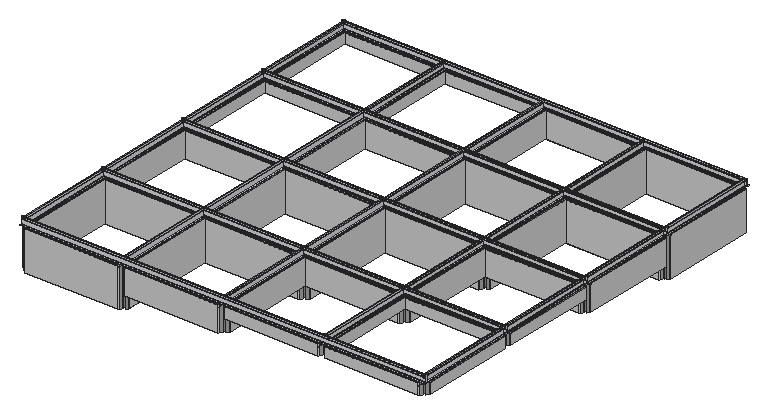
Revit family "GRD-SEC-001_SECTION GRID 001_RFA", category Modelos genéricos, Revit 2022 (continued)
Forms (in)
  Extrusion 180, solid
    sketch origin (96.94421, 1.41655, 0) x (-1, 0, 0) y (0, -1, 0)
      loop
        line (0.70789, 0.47222) -> (1.18033, -0.00022) -> (23.76344, -0.00022) -> (24.23589, 0.47222) -> (0.70789, 0.47222)
      loop
        line (0.70789, 0.94433) -> (24.23589, 0.94433) -> (23.76344, 1.41677) -> (1.18033, 1.41677) -> (0.70789, 0.94433)
    from -2.11999 to 0.38001
  Extrusion 181, solid
    sketch origin (96.47177, 1.88899, 0) x (-1, 0, 0) y (0, -1, 0)
      loop
        line (0.70789, 0.47222) -> (0.82789, 0.35222) -> (23.171, 0.35222) -> (23.291, 0.47222) -> (0.70789, 0.47222)
      loop
        line (0.70789, 1.88921) -> (23.291, 1.88921) -> (23.171, 2.00921) -> (0.82789, 2.00921) -> (0.70789, 1.88921)
    from -2.11999 to 0.38001
  Extrusion 182, solid
    sketch origin (96.94421, 1.41655, 0) x (-1, 0, 0) y (0, 0, 1)
      loop
        line (0.70789, 0.38001) -> (1.68323, -0.61999) -> (3.48685, -0.61999) -> (3.48685, -1.61999) -> (4.48685, -1.61999) -> (4.48685, -0.61999) -> (20.50219, -0.61999) -> (20.50219, -1.61999) -> (21.46857, -1.61999) -> (21.46857, -0.61999) -> (23.27219, -0.61999) -> (24.23589, 0.38001) -> (0.70789, 0.38001)
    from -0.94466 to -0.47222
  Extrusion 183, solid
    sketch origin (95.76389, 25.18022, 0) x (0, -1, 0) y (1, 0, 0)
      loop
        line (0.70789, 0.47222) -> (1.18033, -0.00022) -> (23.76344, -0.00022) -> (24.23589, 0.47222) -> (0.70789, 0.47222)
      loop
        line (0.70789, 0.94433) -> (24.23589, 0.94433) -> (23.76344, 1.41677) -> (1.18033, 1.41677) -> (0.70789, 0.94433)
    from -2.11999 to 0.38001
  Extrusion 184, solid
    sketch origin (95.29144, 24.70778, 0) x (0, -1, 0) y (1, 0, 0)
      loop
        line (0.70789, 0.47222) -> (0.82789, 0.35222) -> (23.171, 0.35222) -> (23.291, 0.47222) -> (0.70789, 0.47222)
      loop
        line (0.70789, 1.88921) -> (23.291, 1.88921) -> (23.171, 2.00921) -> (0.82789, 2.00921) -> (0.70789, 1.88921)
    from -2.11999 to 0.38001
  Extrusion 185, solid
    sketch origin (95.76389, 25.18022, 0) x (0, -1, 0) y (0, 0, 1)
      loop
        line (0.70789, 0.38001) -> (1.68323, -0.61999) -> (3.48685, -0.61999) -> (3.48685, -1.61999) -> (4.48685, -1.61999) -> (4.48685, -0.61999) -> (20.50219, -0.61999) -> (20.50219, -1.61999) -> (21.46857, -1.61999) -> (21.46857, -0.61999) -> (23.27219, -0.61999) -> (24.23589, 0.38001) -> (0.70789, 0.38001)
    from -0.94466 to -0.47222
  Extrusion 186, solid
    sketch origin (96.94421, 25.41666, 0) x (-1, 0, 0) y (0, -1, 0)
      loop
        line (0.70789, 0.47222) -> (1.18033, -0.00022) -> (23.76344, -0.00022) -> (24.23589, 0.47222) -> (0.70789, 0.47222)
      loop
        line (0.70789, 0.94433) -> (24.23589, 0.94433) -> (23.76344, 1.41677) -> (1.18033, 1.41677) -> (0.70789, 0.94433)
    from -2.11999 to 0.38001
  Extrusion 187, solid
    sketch origin (96.47177, 25.8891, 0) x (-1, 0, 0) y (0, -1, 0)
      loop
        line (0.70789, 0.47222) -> (0.82789, 0.35222) -> (23.171, 0.35222) -> (23.291, 0.47222) -> (0.70789, 0.47222)
      loop
        line (0.70789, 1.88921) -> (23.291, 1.88921) -> (23.171, 2.00921) -> (0.82789, 2.00921) -> (0.70789, 1.88921)
    from -2.11999 to 0.38001
  Extrusion 188, solid
    sketch origin (96.94421, 25.41666, 0) x (-1, 0, 0) y (0, 0, 1)
      loop
        line (0.70789, 0.38001) -> (1.68323, -0.61999) -> (3.48685, -0.61999) -> (3.48685, -1.61999) -> (4.48685, -1.61999) -> (4.48685, -0.61999) -> (20.50219, -0.61999) -> (20.50219, -1.61999) -> (21.46857, -1.61999) -> (21.46857, -0.61999) -> (23.27219, -0.61999) -> (24.23589, 0.38001) -> (0.70789, 0.38001)
    from -0.94466 to -0.47222
  Extrusion 189, solid
    sketch origin (95.76389, 49.18033, 0) x (0, -1, 0) y (1, 0, 0)
      loop
        line (0.70789, 0.47222) -> (1.18033, -0.00022) -> (23.76344, -0.00022) -> (24.23589, 0.47222) -> (0.70789, 0.47222)
      loop
        line (0.70789, 0.94433) -> (24.23589, 0.94433) -> (23.76344, 1.41677) -> (1.18033, 1.41677) -> (0.70789, 0.94433)
    from -2.11999 to 0.38001
  Extrusion 190, solid
    sketch origin (95.29144, 48.70789, 0) x (0, -1, 0) y (1, 0, 0)
      loop
        line (0.70789, 0.47222) -> (0.82789, 0.35222) -> (23.171, 0.35222) -> (23.291, 0.47222) -> (0.70789, 0.47222)
      loop
        line (0.70789, 1.88921) -> (23.291, 1.88921) -> (23.171, 2.00921) -> (0.82789, 2.00921) -> (0.70789, 1.88921)
    from -2.11999 to 0.38001
  Extrusion 191, solid
    sketch origin (95.76389, 49.18033, 0) x (0, -1, 0) y (0, 0, 1)
      loop
        line (0.70789, 0.38001) -> (1.68323, -0.61999) -> (3.48685, -0.61999) -> (3.48685, -1.61999) -> (4.48685, -1.61999) -> (4.48685, -0.61999) -> (20.50219, -0.61999) -> (20.50219, -1.61999) -> (21.46857, -1.61999) -> (21.46857, -0.61999) -> (23.27219, -0.61999) -> (24.23589, 0.38001) -> (0.70789, 0.38001)
    from -0.94466 to -0.47222
Dimensions and locks (in)
  Extrusion 10 to Extrusion 10 to Extrusion 15 to Extrusion 15 to Extrusion 20 to Extrusion 20 to Extrusion 25 to Extrusion 25 = 23.0625", 0.9375", 23.0625", 0.9375", 23.0625", 0.9375", 23.0625"
  aligned and locked: level to plane 2
